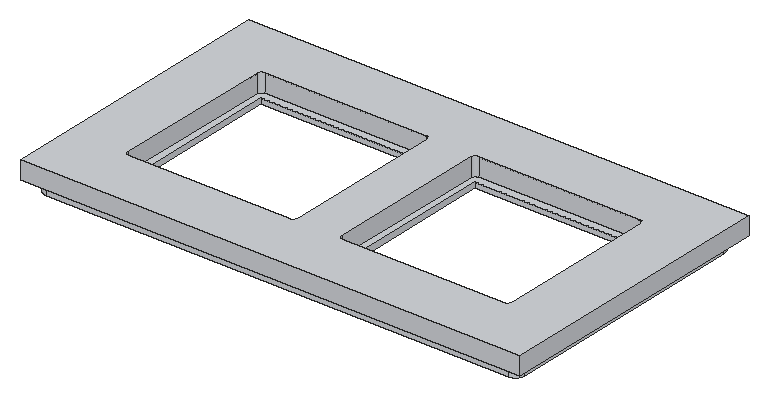
Revit family "Gira_0212221", category Electrical Fixtures, host Face, Revit 2017
Family settings
  Host = Face
  Maintain Annotation Orientation = No
  Round Connector Dimension = Use Diameter
  Part Type = Normal
  Cut with Voids When Loaded = No
  Shared = No
  Room Calculation Point = No
Parameters (values of type "Abdeckrahmen 2f Gira Esprit Lin.Mpx.Hellbraun")
  Werkstoffgüte = "sonstige"
  Werkstoff = "sonstige"
  Verfügbar = "Ja"
  URL = "http://katalog.gira.de/de_DE/datenblatt.html?artikelnr=0212221"
  Transparent = "Nein"
  Textfeld/Beschriftungsfläche = "Nein"
  Schutzart (IP) = "IP20"
  Region = "DE"
  Oberfläche = "sonstige"
  Name = "Abdeckrahmen 2f Gira Esprit Lin.Mpx.Hellbraun"
  Montagerichtung = "horizontal und vertikal"
  Mit Montagerahmen = "Nein"
  Mit Klappdeckel = "Nein"
  Manufacturer URL = "https://www.gira.de/"
  Kategorie = "Abdeckrahmen"
  Manufacturer = "Gira"
  HeinzeBIM = "https://bimportal.heinze.de/bim/abdeckrahmen-2f-gira-esprit-lin-mpx-hellbraun/79f60e3d2a48ab2cabde21d28d0f45736a8af3a3"
  Halogenfrei = "Nein"
  HAN = "0212221"
  Geeignet für Unterputz-Installation = "Ja"
  Geeignet für Unterflurkanaldose = "Nein"
  Geeignet für Geräteeinbaukanal = "Nein"
  Geeignet für Einbauinstallation = "Nein"
  GTIN = "4010337016014"
  Farbe = "sonstige"
  Description = "Abdeckrahmen Gira Esprit Linoleum-Multiplex Hellbraun 2fach Hinweise : - Naturprodukt. Farbabweichungen sind möglich. - NCS-Wert: ähnl. NCS S 6010-Y30R"
  Data sheet (1) = "https://katalog.gira.de/de_DE/download.html?artikelnr=0212221"
  Category = "Abdeckrahmen"
  Befestigungsart = "Klemmbefestigung"
  Keynote = "Espr._Rahmen_2fach"
  Default Elevation = 1219.2 mm
  BIM (1) = "https://media.live.bim.site/public/gira/9fde4c0/Espr._Rahmen_2fach.rfa"
  Available = "Yes"
  Anzahl der Einheiten vertikal = "2 "
  Anzahl der Einheiten horizontal = "2 "
  Anzahl der Einheiten = "2 "
Reference planes
  plane 1 "Center (Front/Back)": y = 0
  plane 2: z = 0
  plane 3 "Center (Left/Right)": x = 0
Forms (mm)
  Extrusion 1, solid, detail levels fine
    sketch origin (0, 0, 0) x (1, 0, 0) y (0, 1, 0)
      loop
        line (-83, 47.5) -> (-83, -47.5) -> (83, -47.5) -> (83, 47.5) -> (-83, 47.5)
      loop
        arc (-63.75, -26.7) -> (-63.311, -27.761) -> (-62.25, -28.2) r 1.5
        line (-62.25, -28.2) -> (-8.85, -28.2)
        arc (-8.85, -28.2) -> (-7.789, -27.761) -> (-7.35, -26.7) r 1.5
        line (-7.35, -26.7) -> (-7.35, 26.7)
        arc (-7.35, 26.7) -> (-7.789, 27.761) -> (-8.85, 28.2) r 1.5
        line (-8.85, 28.2) -> (-62.25, 28.2)
        arc (-62.25, 28.2) -> (-63.311, 27.761) -> (-63.75, 26.7) r 1.5
        line (-63.75, 26.7) -> (-63.75, -26.7)
      loop
        line (63.75, -26.7) -> (63.75, 26.7)
        arc (63.75, 26.7) -> (63.311, 27.761) -> (62.25, 28.2) r 1.5
        line (62.25, 28.2) -> (8.85, 28.2)
        arc (8.85, 28.2) -> (7.789, 27.761) -> (7.35, 26.7) r 1.5
        line (7.35, 26.7) -> (7.35, -26.7)
        arc (7.35, -26.7) -> (7.789, -27.761) -> (8.85, -28.2) r 1.5
        line (8.85, -28.2) -> (62.25, -28.2)
        arc (62.25, -28.2) -> (63.311, -27.761) -> (63.75, -26.7) r 1.5
    from 0 to 6
  Extrusion 2, solid, detail levels fine
    sketch origin (0, 0, 0) x (1, 0, 0) y (0, 1, 0)
      loop
        line (-61.45, -25.7) -> (-9.65, -25.7) -> (-9.65, 25.7) -> (-61.45, 25.7) -> (-61.45, -25.7)
      loop
        line (61.45, 25.7) -> (9.65, 25.7) -> (9.65, -25.7) -> (61.45, -25.7) -> (61.45, 25.7)
      loop
        arc (-78.454, -41.3) -> (-77.927, -42.573) -> (-76.654, -43.1) r 1.8
        line (-76.654, -43.1) -> (76.654, -43.1)
        arc (76.654, -43.1) -> (77.927, -42.573) -> (78.454, -41.3) r 1.8
        line (78.454, -41.3) -> (78.454, 41.3)
        arc (78.454, 41.3) -> (77.927, 42.573) -> (76.654, 43.1) r 1.8
        line (76.654, 43.1) -> (-76.654, 43.1)
        arc (-76.654, 43.1) -> (-77.927, 42.573) -> (-78.454, 41.3) r 1.8
        line (-78.454, 41.3) -> (-78.454, -41.3)
    from -1.9 to 0
  Extrusion 3, solid, detail levels fine
    sketch origin (0, 0, 0) x (1, 0, 0) y (0, 1, 0)
      loop
        arc (-76.75, 44.4) -> (-78.871, 43.521) -> (-79.75, 41.4) r 3
        line (-79.75, 41.4) -> (-79.75, -41.4)
        arc (-79.75, -41.4) -> (-78.871, -43.521) -> (-76.75, -44.4) r 3
        line (-76.75, -44.4) -> (76.75, -44.4)
        arc (76.75, -44.4) -> (78.871, -43.521) -> (79.75, -41.4) r 3
        line (79.75, -41.4) -> (79.75, 41.4)
        arc (79.75, 41.4) -> (78.871, 43.521) -> (76.75, 44.4) r 3
        line (76.75, 44.4) -> (-76.75, 44.4)
      loop
        arc (-78.55, -41.4) -> (-78.023, -42.673) -> (-76.75, -43.2) r 1.8
        line (-76.75, -43.2) -> (76.75, -43.2)
        arc (76.75, -43.2) -> (78.023, -42.673) -> (78.55, -41.4) r 1.8
        line (78.55, -41.4) -> (78.55, 41.4)
        arc (78.55, 41.4) -> (78.023, 42.673) -> (76.75, 43.2) r 1.8
        line (76.75, 43.2) -> (-76.75, 43.2)
        arc (-76.75, 43.2) -> (-78.023, 42.673) -> (-78.55, 41.4) r 1.8
        line (-78.55, 41.4) -> (-78.55, -41.4)
    from -3.7 to 0
  Extrusion 4, solid, detail levels medium
    sketch origin (0, 0, 0) x (1, 0, 0) y (0, 1, 0)
      loop
        line (-83, 47.5) -> (-83, -47.5) -> (83, -47.5) -> (83, 47.5) -> (-83, 47.5)
    from 0 to 6
  Extrusion 5, solid, detail levels medium
    sketch origin (0, 0, 0) x (1, 0, 0) y (0, 1, 0)
      loop
        line (-79.75, 44.4) -> (-79.75, -44.4) -> (79.75, -44.4) -> (79.75, 44.4) -> (-79.75, 44.4)
    from -3.7 to 0
  Extrusion 6, solid, detail levels coarse
    sketch origin (0, 0, 0) x (1, 0, 0) y (0, 1, 0)
      loop
        line (-83, 47.5) -> (-83, -47.5) -> (83, -47.5) -> (83, 47.5) -> (-83, 47.5)
    from -3.7 to 6
Dimensions and locks
  aligned and locked: plane 2 to host face
  aligned and locked: level to host face
